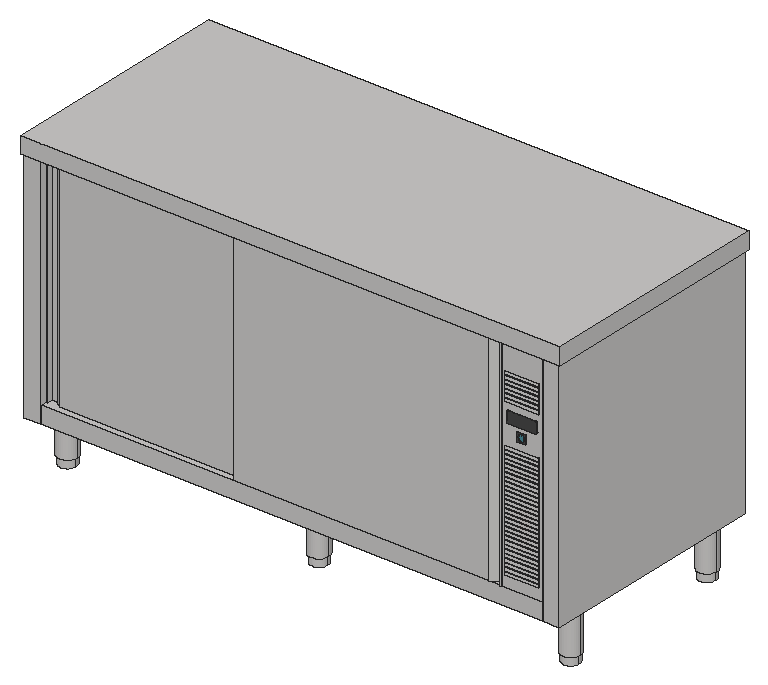
Revit family "QF_ZANUSSI_132788_MTC1600PN", category Attrezzature speciali, Revit 2020
Family settings
  Quota connettore circolare = Usa diametro
  Tipo di parte = Normale
  Basato su piano di lavoro = No
  Sempre verticale = Sì
  Taglio con vuoti quando caricato = No
  Condiviso = No
  Punto di calcolo locali = No
Parameters (values of type "Standard")
  Weight = 65.00 kg
  Watts = 2400 W
  Volts = 220 V
  URL Manufacturer = "http://www.zanussiprofessional.com"
  URL = "http://www.zanussiprofessional.com"
  Steam Supply Size = 0 mm
  Steam Supply Minimum Pressure = 0.0 Pa
  Steam Supply Maximum Pressure = 0.0 Pa
  Steam Consumption per Hour = 0
  Refrigeration Suction Line Size = 0.0 mm
  Refrigeration Liquid Line Size = 0.0 mm
  Refrigerant Compressor Remote = yes
  Prospetto di default = 0.0 mm
  Produttore = "Zanussi"
  Phase = 1
  Modello = "MTC1600PN"
  Length Actual = 1600.0 mm  # constant formula
  Item Number = "132788"
  Hot Water Size = 0 mm
  Height Actual = 900.0 mm  # constant formula
  HP = "3.2 HP"
  Gas Size = 0 mm
  Gas KW = 0
  Gas Input Pressure = 0 W
  Direct Waste Size = 0 mm
  Descrizione = "HOT CUPB.VENTIL.+SHELF+SLIDING D. 1600MM"
  Depth Actual = 700.0 mm  # constant formula
  Cycle = 50 Hz
  Condensate Return Size = 0 mm
  Compressed Air Volume = 0.0 L/s
  Compressed Air Size = 0 mm
  Compressed Air Pressure = 0.0 Pa
  Cold Water Size = 0 mm
  Accessory = yes
Reference planes
  plane 1 "Center (Front/Back)": y = 0
  plane 2: z = 0
  plane 3 "Center (Left/Right)": x = -300
  plane 4 "LEFT": x = -1100
  plane 5 "RIGHT": x = 500
  plane 6 "BACK": y = 350
  plane 7 "FRONT": y = -350
  plane 8 "Base": z = 850
  plane 9 "TOP": z = 900
  plane 10: x = -1046.5
  plane 11: x = 446.5
  plane 12: y = 264.5
  plane 13: y = -241.5
  plane 14 "BodyLeft": x = -1094.5
  plane 15 "BodyFront": y = -344.5
  plane 16 "BodyRight": x = 494.5
  plane 17 "BodyBack": y = 344.5
  plane 18 "FEET": z = 150
  plane 19: x = 324.5
  plane 20: x = -361
  plane 21: x = 444.5
  plane 22 "EIx": x = 400
  plane 23 "EIy": y = -170
Forms (mm)
  Extrusion 1, solid, material "QF_Finishes_Stainless Steel"
    sketch origin (-300, 0, 0) x (0, 1, 0) y (0, 0, 1)
      loop
        line (-350, 850) -> (350, 850) -> (350, 900) -> (-350, 900) -> (-350, 850)
    from 800 to -800
  Extrusion 2, solid, material "QF_Finishes_Stainless Steel"
    sketch origin (0, 0, 150) x (-1, 0, 0) y (0, -1, 0)
      loop
        line (1094.5, -344.5) -> (1094.5, 344.5) -> (1044.5, 344.5) -> (1044.5, -344.5) -> (1094.5, -344.5)
      loop
        line (-444.5, -344.5) -> (-444.5, 344.5) -> (-494.5, 344.5) -> (-494.5, -344.5) -> (-444.5, -344.5)
    from 0 to 700
  Extrusion 3, solid, material "QF_Finishes_Stainless Steel"
    sketch origin (0, 0, 150) x (-1, 0, 0) y (0, -1, 0)
      loop
        line (1044.5, -344.5) -> (1044.5, 344.5) -> (-444.5, 344.5) -> (-444.5, -344.5) -> (1044.5, -344.5)
    from 0 to 50
  Extrusion 4, solid, material "QF_Finishes_Stainless Steel"
    sketch origin (-1, 0, 150) x (-1, 0, 0) y (0, -1, 0)
      loop
        line (-325.5, 344.5) -> (-325.5, 324.5) -> (470.5, 324.5) -> (470.5, 344.5) -> (-285.5, 344.5) -> (-305.5, 329.5) -> (-320.5, 329.5) -> (-320.5, 344.5) -> (-325.5, 344.5)
    from 50 to 700
  Extrusion 5, solid, material "QF_Finishes_Stainless Steel"
    sketch origin (1, 20, 150) x (1, 0, 0) y (0, 1, 0)
      loop
        line (-1045.5, -344.5) -> (-1040.5, -344.5) -> (-1040.5, -329.5) -> (-1025.5, -329.5) -> (-1005.5, -344.5) -> (-251.5, -344.5) -> (-251.5, -324.5) -> (-1045.5, -324.5) -> (-1045.5, -344.5)
    from 50 to 700
  Extrusion 6, solid, material "QF_Finishes_Stainless Steel"
    sketch origin (0, 0, 0) x (1, 0, 0) y (0, 1, 0)
      loop
        line (-1044.5, -304.5) -> (324.5, -304.5) -> (324.5, 324.5) -> (-1044.5, 324.5) -> (-1044.5, -304.5)
    from 500 to 540
  Extrusion 7, solid, material "QF_Finishes_Stainless Steel"
    sketch origin (0, 0, 0) x (1, 0, 0) y (0, 1, 0)
      loop
        line (444.5, 344.5) -> (-1044.5, 344.5) -> (-1044.5, 324.5) -> (444.5, 324.5) -> (444.5, 344.5)
    from 200 to 850
  Extrusion 8, solid, material "QF_Finishes_Stainless Steel"
    sketch origin (0, 0, 150) x (-1, 0, 0) y (0, -1, 0)
      loop
        circle (-400, 170) r 10
    from 0 to -5
Cuts and joins
  joined: Extrusion 3, Extrusion 7
Lines and regions (mm)
  symbolic lines
    curve 1: line (500, 350, 900) -> (-1100, 350, 900)
    curve 2: line (-1100, 350, 900) -> (-1100, -350, 900)
    curve 3: line (-1100, -350, 900) -> (500, -350, 900)
    curve 4: line (500, -350, 900) -> (500, 350, 900)
  symbolic lines, style "SpecialityEquipmentHiddenLines"
    curve 5: line (-1094.5, 344.5, 150) -> (494.5, 344.5, 150)
    curve 6: line (-1094.5, -344.5, 150) -> (-1094.5, 344.5, 150)
    curve 7: line (494.5, -344.5, 150) -> (-1094.5, -344.5, 150)
    curve 8: line (494.5, 344.5, 150) -> (494.5, -344.5, 150)
    curve 9: line (-1045.5, -304.5, 150) -> (-249.5, -304.5, 150)
    curve 10: line (-249.5, -304.5, 150) -> (-249.5, -324.5, 150)
    curve 11: line (-1045.5, -324.5, 150) -> (444.5, -324.5, 150)
    curve 12: line (444.5, -324.5, 150) -> (444.5, -344.5, 150)
    curve 13: line (-1045.5, -304.5, 150) -> (-1045.5, -324.5, 150)
    curve 14: line (-471.5, -344.5, 0) -> (-471.5, -324.5, 0)
Dimensions and locks
  plane 4 "LEFT" to plane 5 "RIGHT" = 1600.0 mm
  equal spacing: plane 4 "LEFT", plane 3 "Center (Left/Right)", plane 5 "RIGHT"
  locked: plane 8 "Base" to level at 850
  plane 9 "TOP" to level = 900.0 mm
  plane 6 "BACK" to plane 7 "FRONT" = 700.0 mm
  equal spacing: plane 6 "BACK", plane 1 "Center (Front/Back)", plane 7 "FRONT"
  locked: plane 4 "LEFT" to plane 14 "BodyLeft" at 5.5
  locked: plane 16 "BodyRight" to plane 5 "RIGHT" at 5.5
  locked: plane 15 "BodyFront" to plane 7 "FRONT" at 5.5
  locked: plane 6 "BACK" to plane 17 "BodyBack" at 5.5
  locked: plane 14 "BodyLeft" to plane 10 at 48
  locked: plane 11 to plane 16 "BodyRight" at 48
  locked: plane 13 to plane 15 "BodyFront" at 103
  locked: plane 17 "BodyBack" to plane 12 at 80
  plane 10 to plane 11 = 1493.0 mm
  plane 12 to plane 13 = 506.0 mm
  locked: plane 14 "BodyLeft" to Extrusion 2 sketch curve at 50
  locked: Extrusion 2 sketch curve to Extrusion 2 sketch curve at 50
  equal spacing: plane 10, plane 20, plane 19
  locked: plane 21 to plane 16 "BodyRight" at 50
  locked: plane 19 to plane 21 at 120
  locked: Extrusion 4 sketch curve to plane 20 at 110.5
  locked: plane 20 to Extrusion 5 sketch curve at 110.5
  locked: plane 18 "FEET" to level at 150
  locked: plane 22 "EIx" to plane 5 "RIGHT" at 100
  plane 23 "EIy" to plane 7 "FRONT" = 180.0 mm
  aligned and locked: level to plane 2
  aligned and locked: plane 10 to nested 1
  aligned and locked: nested 1 to plane 13
  aligned and locked: plane 11 to nested 2
  aligned and locked: nested 2 to plane 13
  aligned and locked: plane 11 to nested 4
  aligned and locked: nested 4 to plane 12
  aligned and locked: plane 10 to nested 3
  aligned and locked: nested 3 to plane 12
  aligned and locked: Extrusion 1 to plane 4 "LEFT"
  aligned and locked: plane 5 "RIGHT" to Extrusion 1
  aligned and locked: curve 2 to plane 4 "LEFT"
  aligned and locked: plane 17 "BodyBack" to Extrusion 2 sketch curve
  aligned and locked: Extrusion 2 sketch curve to plane 15 "BodyFront"
  aligned and locked: Extrusion 2 sketch curve to plane 14 "BodyLeft"
  aligned and locked: plane 16 "BodyRight" to Extrusion 2 sketch curve
  aligned and locked: Extrusion 2 sketch curve to plane 17 "BodyBack"
  aligned and locked: plane 15 "BodyFront" to Extrusion 2 sketch curve
  aligned and locked: Extrusion 3 sketch curve to plane 17 "BodyBack"
  aligned and locked: plane 15 "BodyFront" to Extrusion 3 sketch curve
  aligned and locked: plane 8 "Base" to Extrusion 2
  aligned and locked: plane 8 "Base" to Extrusion 4
  aligned and locked: Extrusion 4 to Extrusion 3
  aligned and locked: Extrusion 1 to plane 8 "Base"
  aligned and locked: plane 9 "TOP" to Extrusion 1
  aligned and locked: curve 5 to plane 17 "BodyBack"
  aligned and locked: plane 14 "BodyLeft" to curve 6
  aligned and locked: plane 15 "BodyFront" to curve 7
  aligned and locked: plane 16 "BodyRight" to curve 8
  aligned and locked: Extrusion 3 to Extrusion 2  (x2)
  aligned and locked: Extrusion 6 sketch curve to Extrusion 2
  aligned and locked: Extrusion 6 sketch curve to Extrusion 5
  aligned and locked: nested 5 to plane 21
  aligned and locked: Extrusion 7 sketch curve to Extrusion 2
  aligned and locked: Extrusion 6 sketch curve to plane 19
  aligned and locked: plane 3 "Center (Left/Right)" to nested 6
  aligned and locked: plane 3 "Center (Left/Right)" to nested 7
Automatic sketch dimensions
  curve 14 to plane 15 "BodyFront" = 0.0 mm
  plane 15 "BodyFront" to curve 14 = 20.0 mm
  curve 14 to plane 20 = 110.5 mm
  curve 3 to plane 7 "FRONT" = 0.0 mm
  curve 4 to plane 6 "BACK" = 0.0 mm
  Extrusion 1 sketch curve to plane 7 "FRONT" = 0.0 mm
  Extrusion 1 sketch curve to plane 6 "BACK" = 0.0 mm
  Extrusion 1 sketch curve to plane 8 "Base" = 0.0 mm
  Extrusion 1 sketch curve to plane 9 "TOP" = 0.0 mm
  Extrusion 3 sketch curve to plane 21 = 0.0 mm
  plane 10 to Extrusion 3 sketch curve = 2.0 mm
  Extrusion 4 sketch curve to plane 19 = 0.0 mm
  Extrusion 4 sketch curve to plane 15 "BodyFront" = 0.0 mm  (x2)
  Extrusion 4 sketch curve to Extrusion 4 sketch curve = 5.0 mm
  Extrusion 4 sketch curve to Extrusion 4 sketch curve = 15.0 mm  (x2)
  Extrusion 4 sketch curve to Extrusion 4 sketch curve = 20.0 mm  (x2)
  Extrusion 5 sketch curve to plane 15 "BodyFront" = 20.0 mm  (x2)
  Extrusion 5 sketch curve to plane 10 = 42.0 mm
  Extrusion 5 sketch curve to plane 10 = 22.0 mm
  Extrusion 5 sketch curve to plane 10 = 7.0 mm
  Extrusion 5 sketch curve to plane 10 = 2.0 mm
  Extrusion 5 sketch curve to Extrusion 5 sketch curve = 15.0 mm
  Extrusion 5 sketch curve to Extrusion 5 sketch curve = 20.0 mm
  curve 12 to plane 21 = 0.0 mm
  curve 7 to plane 15 "BodyFront" = 0.0 mm
  plane 3 "Center (Left/Right)" to curve 9 = 50.5 mm
  plane 10 to curve 11 = 1.0 mm
  plane 15 "BodyFront" to curve 9 = 40.0 mm
  curve 11 to curve 12 = 20.0 mm
  plane 12 to Extrusion 6 sketch curve = 60.0 mm
  Extrusion 7 sketch curve to plane 17 "BodyBack" = 0.0 mm
  Extrusion 7 sketch curve to plane 21 = 0.0 mm
  Extrusion 7 sketch curve to plane 17 "BodyBack" = 20.0 mm
  curve 4 to plane 5 "RIGHT" = 0.0 mm
  Extrusion 8 sketch curve to plane 22 "EIx" = 0.0 mm
  Extrusion 8 sketch curve to plane 23 "EIy" = 0.0 mm
  radius of Extrusion 8 sketch curve = 10.0 mm
Nested families
  nested 1: "FEET_D58-150" at (-1046.5, -241.5, 0), type "FEET_D58-150"
  nested 2: "FEET_D58-150" at (446.5, -241.5, 0), type "FEET_D58-150"
  nested 3: "FEET_D58-150" at (-1046.5, 264.5, 0), type "FEET_D58-150"
  nested 4: "FEET_D58-150" at (446.5, 264.5, 0), type "FEET_D58-150"
  nested 5: "WT_PNL120x650" at (531.42, -304.5, 600) x (1, 0, 0) z (0, -1, 0), type "WT_PNL120x650"
    with Show Logo yes
  nested 6: "FEET_D58-150" at (-300, -241.5, 0), type "FEET_D58-150"
  nested 7: "FEET_D58-150" at (-300, 264.5, 0), type "FEET_D58-150"
Connectors
  electrical at (400, -170, 145)
    settings: on Extrusion 8, index 1, voltage 0 V, apparent load 0 VA, apparent load phase1 0 VA, apparent load phase2 0 VA, apparent load phase3 0 VA, power factor 1, load classification "Other", number of poles 1, system type 30, power factor state 1, is connector primary yes, connector utility no, sub classification motor no, connector description "Electrical connection"
Definition of nested family "FEET_D58-150"
  Parameters
    Default Elevation = 0.0 mm
    FEET = 150.0 mm
  Reference planes
    plane 1 "Center (Front/Back)": y = 0
    plane 2: z = 0
    plane 3 "Center (Left/Right)": x = 0
    plane 4: z = 150
  Forms (mm)
    Extrusion 1, solid
      sketch origin (0, 0, 0) x (1, 0, 0) y (0, 1, 0)
        loop
          circle (0, 0) r 25
      from 0 to 25
    Extrusion 2, solid
      sketch origin (0, 0, 0) x (1, 0, 0) y (0, 1, 0)
        loop
          circle (0.061, 0) r 29
      from 25 to 150 <- "FEET"
  Lines and regions (mm)
    symbolic lines
      curve 1: line (0, -1.503, 0) -> (0, 1.508, 0)
      curve 2: line (1.561, 0, 0) -> (-1.439, 0, 0)
  Dimensions and locks
    "FEET": plane 4 to plane 2
    aligned and locked: level to plane 2
  Automatic sketch dimensions
    plane 1 "Center (Front/Back)" to Extrusion 1 sketch curve = 0.0 mm
    Extrusion 1 sketch curve to plane 3 "Center (Left/Right)" = 0.0 mm
    plane 1 "Center (Front/Back)" to curve 2 = 0.0 mm
    curve 1 to plane 3 "Center (Left/Right)" = 0.0 mm
    curve 2 to plane 3 "Center (Left/Right)" = 1.439 mm
    plane 3 "Center (Left/Right)" to curve 2 = 1.561 mm
    plane 1 "Center (Front/Back)" to curve 1 = 1.503 mm
    curve 1 to plane 1 "Center (Front/Back)" = 1.508 mm
    plane 1 "Center (Front/Back)" to Extrusion 2 sketch curve = 0.0 mm
    plane 3 "Center (Left/Right)" to Extrusion 2 sketch curve = 0.061 mm
    radius of Extrusion 1 sketch curve = 25.0 mm
    radius of Extrusion 2 sketch curve = 29.0 mm
Definition of nested family "WT_PNL120x650"
  Parameters
    Show Logo [instance] = yes
    Default Elevation = 1219.2 mm
  Reference planes
    plane 1 "Center (Front/Back)": y = -75
    plane 2: z = 0
    plane 3 "Center (Left/Right)": x = -146.92
    plane 4: x = -206.92
    plane 5: x = -86.92
    plane 6: y = 250
    plane 7: y = -400
    plane 8 "TOP": z = 40
  Forms (mm)
    Extrusion 1, solid
      sketch origin (0, 0, 0) x (1, 0, 0) y (0, 1, 0)
        loop
          line (-1219.2, 1219.2) -> (-1219.2, -1219.2) -> (1219.2, -1219.2) -> (1219.2, 1219.2) -> (-1219.2, 1219.2)
      from 0 to -304.8
    Extrusion 2, solid
      sketch origin (0, 0, 0) x (1, 0, 0) y (0, 1, 0)
        loop
          line (-206.92, 250) -> (-206.92, -400) -> (-86.92, -400) -> (-86.92, 250) -> (-206.92, 250)
      from 0 to 40
    Extrusion 3, void
      sketch origin (0, 0, 40) x (-1, 0, 0) y (0, -1, 0)
        loop
          arc (101.92, -68.899) -> (103.795, -73.256) -> (108.247, -74.89) r 6
          line (108.247, -74.89) -> (185.92, -74.89)
          arc (185.92, -74.89) -> (190.163, -73.133) -> (191.92, -68.89) r 6
          line (191.92, -68.89) -> (191.92, -45.89)
          arc (191.92, -45.89) -> (190.163, -41.648) -> (185.92, -39.89) r 6
          line (185.92, -39.89) -> (107.92, -39.89)
          arc (107.92, -39.89) -> (103.677, -41.648) -> (101.92, -45.89) r 6
          line (101.92, -45.89) -> (101.92, -68.899)
        loop
          line (158.92, -27.89) -> (158.92, -2.89) -> (134.92, -2.89) -> (134.92, -27.89) -> (158.92, -27.89)
      from -2 to 0
    Extrusion 4, solid
      sketch origin (0, 0, 40) x (-1, 0, 0) y (0, -1, 0)
        loop
          line (185.92, -39.89) -> (107.92, -39.89)
          arc (107.92, -39.89) -> (103.677, -41.648) -> (101.92, -45.89) r 6
          line (101.92, -45.89) -> (101.92, -68.899)
          arc (101.92, -68.899) -> (103.795, -73.256) -> (108.247, -74.89) r 6
          line (108.247, -74.89) -> (185.92, -74.89)
          arc (185.92, -74.89) -> (190.163, -73.133) -> (191.92, -68.89) r 6
          line (191.92, -68.89) -> (191.92, -45.89)
          arc (191.92, -45.89) -> (190.163, -41.648) -> (185.92, -39.89) r 6
      from -2 to 1
    Extrusion 5, solid
      sketch origin (-146.92, 0, 0) x (0, 1, 0) y (0, 0, 1)
        loop
          line (95.896, 40) -> (104.899, 40) -> (95.896, 41.206) -> (95.896, 40)
        loop
          line (107.896, 40) -> (116.899, 40) -> (107.896, 41.206) -> (107.896, 40)
        loop
          line (119.896, 40) -> (128.899, 40) -> (119.896, 41.206) -> (119.896, 40)
        loop
          line (131.896, 40) -> (140.899, 40) -> (131.896, 41.206) -> (131.896, 40)
        loop
          line (143.896, 40) -> (152.899, 40) -> (143.896, 41.206) -> (143.896, 40)
        loop
          line (155.896, 40) -> (164.899, 40) -> (155.896, 41.206) -> (155.896, 40)
        loop
          line (167.896, 40) -> (176.899, 40) -> (167.896, 41.206) -> (167.896, 40)
        loop
          line (-102.104, 40) -> (-93.101, 40) -> (-102.104, 41.206) -> (-102.104, 40)
        loop
          line (-90.104, 40) -> (-81.101, 40) -> (-90.104, 41.206) -> (-90.104, 40)
        loop
          line (-78.104, 40) -> (-69.101, 40) -> (-78.104, 41.206) -> (-78.104, 40)
        loop
          line (-66.104, 40) -> (-57.101, 40) -> (-66.104, 41.206) -> (-66.104, 40)
        loop
          line (-54.104, 40) -> (-45.101, 40) -> (-54.104, 41.206) -> (-54.104, 40)
        loop
          line (-42.104, 40) -> (-33.101, 40) -> (-42.104, 41.206) -> (-42.104, 40)
        loop
          line (-30.104, 40) -> (-21.101, 40) -> (-30.104, 41.206) -> (-30.104, 40)
        loop
          line (-174.104, 40) -> (-165.101, 40) -> (-174.104, 41.206) -> (-174.104, 40)
        loop
          line (-162.104, 40) -> (-153.101, 40) -> (-162.104, 41.206) -> (-162.104, 40)
        loop
          line (-150.104, 40) -> (-141.101, 40) -> (-150.104, 41.206) -> (-150.104, 40)
        loop
          line (-138.104, 40) -> (-129.101, 40) -> (-138.104, 41.206) -> (-138.104, 40)
        loop
          line (-126.104, 40) -> (-117.101, 40) -> (-126.104, 41.206) -> (-126.104, 40)
        loop
          line (-114.104, 40) -> (-105.101, 40) -> (-114.104, 41.206) -> (-114.104, 40)
        loop
          line (-246.104, 40) -> (-237.101, 40) -> (-246.104, 41.206) -> (-246.104, 40)
        loop
          line (-234.104, 40) -> (-225.101, 40) -> (-234.104, 41.206) -> (-234.104, 40)
        loop
          line (-222.104, 40) -> (-213.101, 40) -> (-222.104, 41.206) -> (-222.104, 40)
        loop
          line (-210.104, 40) -> (-201.101, 40) -> (-210.104, 41.206) -> (-210.104, 40)
        loop
          line (-198.104, 40) -> (-189.101, 40) -> (-198.104, 41.206) -> (-198.104, 40)
        loop
          line (-186.104, 40) -> (-177.101, 40) -> (-186.104, 41.206) -> (-186.104, 40)
        loop
          line (-318.104, 40) -> (-309.101, 40) -> (-318.104, 41.206) -> (-318.104, 40)
        loop
          line (-306.104, 40) -> (-297.101, 40) -> (-306.104, 41.206) -> (-306.104, 40)
        loop
          line (-294.104, 40) -> (-285.101, 40) -> (-294.104, 41.206) -> (-294.104, 40)
        loop
          line (-282.104, 40) -> (-273.101, 40) -> (-282.104, 41.206) -> (-282.104, 40)
        loop
          line (-270.104, 40) -> (-261.101, 40) -> (-270.104, 41.206) -> (-270.104, 40)
        loop
          line (-258.104, 40) -> (-249.101, 40) -> (-258.104, 41.206) -> (-258.104, 40)
        loop
          line (-366.104, 40) -> (-357.101, 40) -> (-366.104, 41.206) -> (-366.104, 40)
        loop
          line (-354.104, 40) -> (-345.101, 40) -> (-354.104, 41.206) -> (-354.104, 40)
        loop
          line (-342.104, 40) -> (-333.101, 40) -> (-342.104, 41.206) -> (-342.104, 40)
        loop
          line (-330.104, 40) -> (-321.101, 40) -> (-330.104, 41.206) -> (-330.104, 40)
      from -50 to 50
    Extrusion 6, solid
      sketch origin (0, 0, 40) x (-1, 0, 0) y (0, -1, 0)
        loop
          line (134.92, -27.89) -> (158.92, -27.89) -> (158.92, -2.89) -> (134.92, -2.89) -> (134.92, -27.89)
        loop
          circle (146.92, -15.39) r 9
      from -2 to 3
    Extrusion 7, solid
      sketch origin (0, 0, 40) x (-1, 0, 0) y (0, -1, 0)
        loop
          circle (146.92, -15.39) r 9
      from 0 to 3
  Cuts and joins
    Extrusion 3 cuts Extrusion 2
  Dimensions and locks
    equal spacing: plane 6, plane 1 "Center (Front/Back)", plane 7
    equal spacing: plane 4, plane 3 "Center (Left/Right)", plane 5
    plane 8 "TOP" to level = 40.0 mm
    aligned and locked: plane 2 to Extrusion 1
    aligned and locked: level to Extrusion 1
  Automatic sketch dimensions
    Extrusion 1 sketch curve to Extrusion 1 sketch curve = 2438.4 mm  (x2)
    Extrusion 2 sketch curve to plane 4 = 0.0 mm
    Extrusion 2 sketch curve to plane 5 = 0.0 mm
    Extrusion 2 sketch curve to plane 7 = 0.0 mm
    Extrusion 2 sketch curve to plane 6 = 0.0 mm
    Extrusion 5 sketch curve to plane 8 "TOP" = 0.0 mm  (x36)
    Extrusion 5 sketch curve to Extrusion 5 sketch curve = 9.003 mm  (x35)
    plane 8 "TOP" to Extrusion 5 sketch curve = 1.206 mm  (x22)
    Extrusion 5 sketch curve to Extrusion 5 sketch curve = 2.997 mm  (x33)
    plane 1 "Center (Front/Back)" to Extrusion 5 sketch curve = 6.101 mm
    plane 1 "Center (Front/Back)" to Extrusion 5 sketch curve = 3.104 mm
    Extrusion 5 sketch curve to plane 1 "Center (Front/Back)" = 5.899 mm
    Extrusion 5 sketch curve to Extrusion 5 sketch curve = 116.997 mm
    Extrusion 5 sketch curve to Extrusion 5 sketch curve = 1.206 mm  (x14)
    Extrusion 4 sketch curve to plane 5 = 15.0 mm
    Extrusion 4 sketch curve to Extrusion 4 sketch curve = 6.0 mm  (x3)
    Extrusion 4 sketch curve to Extrusion 4 sketch curve = 0.327 mm
    plane 4 to Extrusion 4 sketch curve = 21.0 mm  (x2)
    Extrusion 4 sketch curve to plane 1 "Center (Front/Back)" = 149.89 mm
    Extrusion 4 sketch curve to Extrusion 4 sketch curve = 23.009 mm
    Extrusion 3 sketch curve to plane 5 = 15.0 mm
    Extrusion 3 sketch curve to Extrusion 3 sketch curve = 6.0 mm  (x3)
    Extrusion 3 sketch curve to Extrusion 3 sketch curve = 0.327 mm
    plane 3 "Center (Left/Right)" to Extrusion 3 sketch curve = 12.0 mm
    Extrusion 3 sketch curve to plane 3 "Center (Left/Right)" = 12.0 mm
    plane 4 to Extrusion 3 sketch curve = 21.0 mm  (x2)
    Extrusion 3 sketch curve to plane 1 "Center (Front/Back)" = 149.89 mm
    Extrusion 3 sketch curve to Extrusion 3 sketch curve = 23.0 mm
    Extrusion 3 sketch curve to Extrusion 3 sketch curve = 12.0 mm
    Extrusion 3 sketch curve to Extrusion 3 sketch curve = 25.0 mm
    Extrusion 6 sketch curve to plane 3 "Center (Left/Right)" = 0.0 mm
    plane 3 "Center (Left/Right)" to Extrusion 6 sketch curve = 12.0 mm
    Extrusion 6 sketch curve to plane 3 "Center (Left/Right)" = 12.0 mm
    Extrusion 6 sketch curve to plane 1 "Center (Front/Back)" = 102.89 mm
    Extrusion 6 sketch curve to Extrusion 6 sketch curve = 12.5 mm  (x2)
    Extrusion 7 sketch curve to plane 3 "Center (Left/Right)" = 0.0 mm
    Extrusion 7 sketch curve to plane 1 "Center (Front/Back)" = 90.39 mm
    radius of Extrusion 6 sketch curve = 9.0 mm
    radius of Extrusion 7 sketch curve = 9.0 mm
